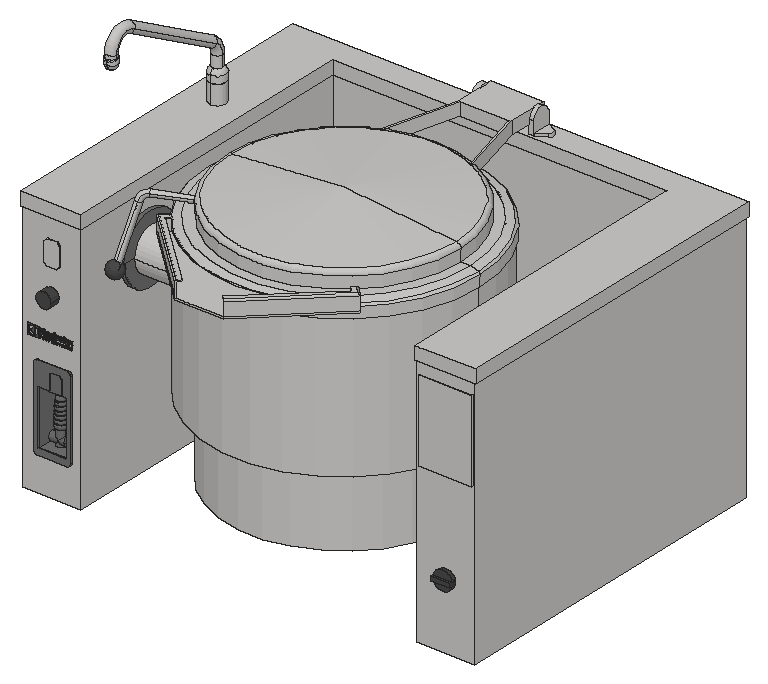
Revit family "QF_ELECTROLUXPROFESSIONAL_586915_PBOT10ERES", category Specialty Equipment, Revit 2018 (continued)
Automatic sketch dimensions
  Extrusion 23 sketch curve to Extrusion 23 sketch curve = 1.353 mm  (x2)
  Extrusion 23 sketch curve to Extrusion 23 sketch curve = 0.027 mm  (x2)
  Extrusion 23 sketch curve to Extrusion 23 sketch curve = 0.395 mm  (x2)
  Extrusion 23 sketch curve to Extrusion 23 sketch curve = 0.329 mm  (x2)
  Extrusion 23 sketch curve to Extrusion 23 sketch curve = 0.425 mm  (x2)
  Extrusion 23 sketch curve to Extrusion 23 sketch curve = 0.051 mm  (x2)
  Extrusion 23 sketch curve to Extrusion 23 sketch curve = 0.495 mm  (x2)
  Extrusion 23 sketch curve to Extrusion 23 sketch curve = 0.267 mm  (x2)
  Extrusion 23 sketch curve to Extrusion 23 sketch curve = 1.4 mm
  Extrusion 23 sketch curve to Extrusion 23 sketch curve = 5.233 mm
  Extrusion 23 sketch curve to Extrusion 23 sketch curve = 2.062 mm
  plane 3 "LEFT" to Extrusion 24 sketch curve = 43.4 mm
  Extrusion 24 sketch curve to Extrusion 24 sketch curve = 82 mm
  plane 7 to Extrusion 24 sketch curve = 105.944 mm
  Extrusion 24 sketch curve to Extrusion 24 sketch curve = 195 mm
  radius of curve 38 = 25 mm
  radius of Extrusion 4 sketch curve = 10 mm
  radius of Extrusion 15 sketch curve = 25 mm
  radius of Extrusion 17 sketch curve = 20 mm
  radius of Extrusion 20 sketch curve = 10 mm  (x2)
  radius of Extrusion 23 sketch curve = 2.453 mm
  radius of Extrusion 23 sketch curve = 1.557 mm
  radius of Extrusion 23 sketch curve = 1.468 mm
  radius of Extrusion 23 sketch curve = 2.451 mm
Nested families
  nested 1: "Electrolux_Handle" at (324.646, -653.285, 8.398) x (0.9205, 0.3907, 0) z (0, 0, 1), type "Family1"
  nested 2: "QF_ELECTROLUXPROFESSIONAL_RubSprint" at (80, -250.001, 900), type "QF_ELECTROLUXPROFESSIONAL_RubSprint"
  nested 3: "QF_ELECTROLUXPROFESSIONAL_SprayGun" at (80.4, -737, 291.944), type "QF_ELECTROLUXPROFESSIONAL_SprayGun"
Connectors
  piping at (110.571, 100, 395), diameter 12.7
    settings: on Extrusion 20, index 1, connector inside diameter 1/2", connector length 0 mm, flow factor 0, pipe flow 0 GPM, pressure drop 0.00 psi, fitting loss kfactor 0, connector angle 0.00°, fixture units 0, engagement length 0 mm, angle of deflection 0.00°, flow configuration 1, flow direction 1, fitting loss method 0, system type 20, joint type 0, gender type 0, connector reference index -1, connector utility 0, adjustable connector no, is connector primary yes, connector description "Cold Water Inlet"
  piping at (50, 100, 395), diameter 12.7
    settings: on Extrusion 20, index 2, connector inside diameter 1/2", connector length 0 mm, flow factor 0, pipe flow 0 GPM, pressure drop 0.00 psi, fitting loss kfactor 0, connector angle 0.00°, fixture units 0, engagement length 0 mm, angle of deflection 0.00°, flow configuration 1, flow direction 1, fitting loss method 0, system type 19, joint type 0, gender type 0, connector reference index -1, connector utility 0, adjustable connector no, is connector primary no, connector description "Hot Water Inlet"
  electrical at (1120, 100, 450), driven by "Volts"
    settings: on Extrusion 4, index 3, voltage 400 V, apparent load 18200 VA, apparent load phase1 0 VA, apparent load phase2 0 VA, apparent load phase3 0 VA, power factor 1, load classification "Other", number of poles 1, system type 30, power factor state 1, is connector primary yes, connector utility no, sub classification motor no, connector description "Electrical Connection"
Definition of nested family "Electrolux_Handle"
  Parameters
    Assembly Code = ""
  Reference planes
    plane 1 "Center (Front/Back)": y = 0
    plane 2: z = 0
    plane 3 "Center (Left/Right)": x = 0
  Forms (mm)
    Sweep 1, solid
      path origin (0, -272.67, 40.751) x (1, 0, 0) y (0, 0.292372, 0.956305)
        loop
          line (16.511, 924.614) -> (-78.489, 924.614)
          arc (-78.489, 924.614) -> (-94.127, 919.229) -> (-103.135, 905.359) r 25.4
          line (-103.135, 905.359) -> (-140.724, 754.597)
      profile origin (-30.989, -2.339, 924.963) x (0, -0.292372, -0.956305) y (0, -0.956305, 0.292372)
        loop
          circle (0, 0) r 8
    Revolve 2, solid
      sketch origin (0, -272.67, 40.751) x (1, 0, 0) y (0, 0.292372, 0.956305)
        loop
          arc (-160.764, 759.594) -> (-145.72, 734.557) -> (-120.683, 749.601) r 20.654
          line (-120.683, 749.601) -> (-160.764, 759.594)
        axis (-120.683, 749.601) -> (-160.764, 759.594)
      angle from 0 to 360
  Lines and regions (mm)
    symbolic lines
      curve 1: line (16.511, 5.661, 0) -> (-87.322, 5.661, 0)
      curve 2: line (16.511, -9.989, 0) -> (-86.193, -9.989, 0)
      curve 3: line (-133.697, -56.773, 0) -> (-97.513, -15.149, 0)
      curve 4: line (-146.568, -45.584, 0) -> (-111.666, -5.433, 0)
      curve 5: arc (-135.59, -32.955, 0) -> (-154.333, -67.194, 0) -> (-122.78, -44.215, 0) r 20
      curve 6: arc (-146.568, -45.584, 0) -> (-145.727, -57.614, 0) -> (-133.697, -56.773, 0) r 8.527
      curve 7: arc (-87.322, 5.661, 0) -> (-100.698, 2.757, 0) -> (-111.666, -5.433, 0) r 32.256
      curve 8: arc (-86.193, -9.989, 0) -> (-92.413, -11.34, 0) -> (-97.513, -15.149, 0) r 15
  Dimensions and locks
    aligned and locked: level to plane 2
    aligned and locked: Revolve 2 sketch curve to Sweep 1  (x2)
    aligned and locked: curve 1 to Sweep 1
    aligned and locked: Sweep 1 to curve 2
Definition of nested family "QF_ELECTROLUXPROFESSIONAL_RubSprint"
  Reference planes
    plane 1 "Center (Front/Back)": y = 0
    plane 2: z = 0
    plane 3 "Center (Left/Right)": x = 0
  Forms (mm)
    Revolve 1, solid
      sketch origin (0, 0, 0) x (0, 1, 0) y (0, 0, 1)
        loop
          line (-21, 0) -> (0, 0) -> (0, 82.75) -> (-14.385, 82.75)
          arc (-14.385, 82.75) -> (-19.409, 76.68) -> (-22.385, 69.383) r 26
          line (-22.385, 69.383) -> (-22.385, 51.306) -> (-21, 50.388) -> (-21, 0)
        axis (0, 82.75) -> (0, 0)
      angle from 0 to 360
    Sweep 2, solid
      path origin (0, 0, 0) x (0, 1, 0) y (0, 0, 1)
        loop
          line (0, 82.75) -> (0, 113.75)
          arc (0, 113.75) -> (-5.44, 133.889) -> (-20.279, 148.551) r 40
          line (-20.279, 148.551) -> (-290.279, 301.55)
          arc (-290.279, 301.55) -> (-330.139, 301.31) -> (-349.999, 266.749) r 40
          line (-349.999, 266.749) -> (-349.999, 257.884)
      profile origin (0, 0, 98.25) x (0, -1, 0) y (1, 0, 0)
        loop
          circle (0, 0) r 13.5
    Revolve 3, solid
      sketch origin (0, 0, 0) x (0, 1, 0) y (0, 0, 1)
        loop
          line (-333.717, 244.264) -> (-333.717, 254.236)
          arc (-333.717, 254.236) -> (-334.434, 255.758) -> (-335.779, 256.77) r 3.5
          line (-335.779, 256.77) -> (-336.499, 257.884) -> (-349.999, 257.884) -> (-349.999, 233.05) -> (-339.2, 233.05)
          arc (-339.2, 233.05) -> (-338.052, 233.411) -> (-337.32, 234.365) r 2
          line (-337.32, 234.365) -> (-333.717, 244.264)
        axis (-349.999, 257.884) -> (-349.999, 233.05)
      angle from 0 to 360
  Lines and regions (mm)
    symbolic lines
      curve 1: arc (-13.5, -17.856, 0) -> (0, 22.385, 0) -> (13.5, -17.856, 0) r 22.385
      curve 2: arc (-13.5, 0, 0) -> (0, 13.5, 0) -> (13.5, 0, 0) r 13.5
      curve 3: arc (-13.5, -349.999, 0) -> (0, -363.499, 0) -> (13.5, -349.999, 0) r 13.5
      curve 4: arc (-13.5, -340.897, 0) -> (0, -366.281, 0) -> (13.5, -340.897, 0) r 16.282
      curve 5: line (13.5, -349.999, 0) -> (13.5, 0, 0)
      curve 6: line (-13.5, -349.999, 0) -> (-13.5, 0, 0)
  Dimensions and locks
    aligned and locked: level to plane 2
Definition of nested family "QF_ELECTROLUXPROFESSIONAL_SprayGun"
  Reference planes
    plane 1 "Center (Front/Back)": y = 0
    plane 2: z = 0
    plane 3 "SGy": x = 13
    plane 4 "AxeZ": y = -45
    plane 5 "Center (Left/Right)": x = 4
    plane 6 "Center (Top/Right)": z = 112.5
  Forms (mm)
    Revolve 1, solid
      sketch origin (0, -45, 0) x (0, 0, 1) y (-1, 0, 0)
        loop
          line (73.98, -1.423) -> (33.98, -1.423) -> (33.98, -13) -> (151.7, -13) -> (151.7, -4.362)
          arc (151.7, -4.362) -> (147.093, -1.396) -> (141.64, -1.926) r 8.345
          arc (141.64, -1.926) -> (140.226, -2.024) -> (139.103, -1.16) r 2
          arc (139.103, -1.16) -> (138.832, -0.814) -> (138.493, -0.536) r 2
          arc (138.493, -0.536) -> (134.77, 0.557) -> (131.061, -0.581) r 6.745
          arc (131.061, -0.581) -> (129.812, -0.914) -> (128.62, -0.414) r 2
          arc (128.62, -0.414) -> (124.347, 1.338) -> (119.917, 0.035) r 6.972
          arc (119.917, 0.035) -> (118.79, -0.341) -> (117.648, -0.011) r 2
          arc (117.648, -0.011) -> (113.81, 1.188) -> (109.921, 0.166) r 7.275
          arc (109.921, 0.166) -> (108.725, -0.109) -> (107.594, 0.367) r 2
          arc (107.594, 0.367) -> (103.55, 1.928) -> (99.427, 0.587) r 6.475
          arc (99.427, 0.587) -> (98.262, 0.173) -> (97.076, 0.524) r 2
          arc (97.076, 0.524) -> (92.711, 1.941) -> (88.277, 0.758) r 8.094
          arc (88.277, 0.758) -> (87.212, 0.464) -> (86.153, 0.781) r 2
          arc (86.153, 0.781) -> (79.633, 2.075) -> (73.98, -1.423) r 9.075
        axis (151.7, -13) -> (33.98, -13)
      angle from 0 to 360
    Revolve 2, solid
      sketch origin (0, -45, 0) x (0, 0, 1) y (-1, 0, 0)
        loop
          line (47.58, 11.558) -> (40.98, 11.558) -> (40.98, 9.577) -> (35.98, 9.577) -> (35.98, -30.423) -> (40.98, -30.423) -> (40.98, -35.423) -> (47.58, -35.423) -> (47.58, 11.558)
        axis (47.58, 11.558) -> (47.58, -35.423)
      angle from 0 to 360
    Extrusion 3, solid
      sketch origin (0, -45, 0) x (1, 0, 0) y (0, 1, 0)
        loop
          line (21.638, 0) -> (17.319, 7.481) -> (8.681, 7.481) -> (4.362, 0) -> (8.681, -7.481) -> (17.319, -7.481) -> (21.638, 0)
      from 151.7 to 160.974
    Extrusion 4, solid
      sketch origin (0, 0, 0) x (1, 0, 0) y (0, 0, 1)
        loop
          arc (-45, 10) -> (-42.071, 2.929) -> (-35, 0) r 10
          line (-35, 0) -> (43, 0)
          arc (43, 0) -> (50.071, 2.929) -> (53, 10) r 10
          line (53, 10) -> (53, 215)
          arc (53, 215) -> (50.071, 222.071) -> (43, 225) r 10
          line (43, 225) -> (-35, 225)
          arc (-35, 225) -> (-42.071, 222.071) -> (-45, 215) r 10
          line (-45, 215) -> (-45, 10)
        loop
          line (-35, 162) -> (-35, 16) -> (43, 16) -> (43, 162) -> (29, 162) -> (29, 199)
          arc (29, 199) -> (26.657, 204.657) -> (21, 207) r 8
          line (21, 207) -> (5, 207)
          arc (5, 207) -> (-0.657, 204.657) -> (-3, 199) r 8
          line (-3, 199) -> (-3, 162) -> (-35, 162)
      from 63 to 60
    Extrusion 5, solid
      sketch origin (0, 0, 0) x (1, 0, 0) y (0, 0, 1)
        loop
          line (-35, 16) -> (43, 16) -> (43, 162) -> (29, 162) -> (29, 199)
          arc (29, 199) -> (26.657, 204.657) -> (21, 207) r 8
          line (21, 207) -> (5, 207)
          arc (5, 207) -> (-0.657, 204.657) -> (-3, 199) r 8
          line (-3, 199) -> (-3, 162) -> (-35, 162) -> (-35, 16)
        loop
          line (31, 164) -> (31, 199)
          arc (31, 199) -> (28.071, 206.071) -> (21, 209) r 10
          line (21, 209) -> (5, 209)
          arc (5, 209) -> (-2.071, 206.071) -> (-5, 199) r 10
          line (-5, 199) -> (-5, 164) -> (-37, 164) -> (-37, 14) -> (45, 14) -> (45, 164) -> (31, 164)
      from 0 to 60
    Extrusion 6, solid
      sketch origin (0, 0, 0) x (1, 0, 0) y (0, 0, 1)
        loop
          line (-37, 164) -> (-37, 14) -> (45, 14) -> (45, 164) -> (-37, 164)
      from 6 to 0
    Extrusion 7, solid
      sketch origin (0, 0, 0) x (1, 0, 0) y (0, 0, 1)
        loop
          line (28, 160.974) -> (28, 198)
          arc (28, 198) -> (25.657, 203.657) -> (20, 206) r 8
          line (20, 206) -> (6, 206)
          arc (6, 206) -> (0.343, 203.657) -> (-2, 198) r 8
          line (-2, 198) -> (-2, 160.974) -> (28, 160.974)
      from 0 to 63
  Dimensions and locks
    equal spacing: Extrusion 4, plane 5 "Center (Left/Right)", Extrusion 4
    Extrusion 4 to Extrusion 4 = 225 mm
    Extrusion 4 to Extrusion 4 = 98 mm
    aligned and locked: level to plane 2
  Automatic sketch dimensions
    plane 3 "SGy" to Revolve 1 sketch curve = 0 mm  (x2)
    plane 5 "Center (Left/Right)" to Revolve 1 sketch curve = 2.577 mm
    level to Revolve 1 sketch curve = 33.98 mm
    Revolve 1 sketch curve to Revolve 1 sketch curve = 40 mm
    Revolve 1 sketch curve to plane 5 "Center (Left/Right)" = 2.854 mm
    Revolve 1 sketch curve to Revolve 1 sketch curve = 7.27 mm
    Revolve 1 sketch curve to Revolve 1 sketch curve = 5.984 mm
    Revolve 1 sketch curve to plane 5 "Center (Left/Right)" = 2.15 mm
    Revolve 1 sketch curve to Revolve 1 sketch curve = 5.262 mm
    Revolve 1 sketch curve to Revolve 1 sketch curve = 5.712 mm
    Revolve 1 sketch curve to plane 5 "Center (Left/Right)" = 0.545 mm
    Revolve 1 sketch curve to Revolve 1 sketch curve = 5.167 mm
    Revolve 1 sketch curve to Revolve 1 sketch curve = 5.522 mm
    Revolve 1 sketch curve to plane 5 "Center (Left/Right)" = 2.085 mm
    Revolve 1 sketch curve to Revolve 1 sketch curve = 4.746 mm
    Revolve 1 sketch curve to Revolve 1 sketch curve = 5.106 mm
    Revolve 1 sketch curve to plane 5 "Center (Left/Right)" = 1.624 mm
    Revolve 1 sketch curve to Revolve 1 sketch curve = 5.239 mm
    Revolve 1 sketch curve to Revolve 1 sketch curve = 5.96 mm
    Revolve 1 sketch curve to plane 5 "Center (Left/Right)" = 2.187 mm
    Revolve 1 sketch curve to Revolve 1 sketch curve = 4.862 mm
    plane 5 "Center (Left/Right)" to Revolve 1 sketch curve = 1.788 mm
    Revolve 1 sketch curve to Revolve 1 sketch curve = 2.59 mm
    Revolve 1 sketch curve to Revolve 1 sketch curve = 3.403 mm
    plane 3 "SGy" to Revolve 1 sketch curve = 3.493 mm
    Revolve 1 sketch curve to Revolve 1 sketch curve = 4.325 mm
    Revolve 1 sketch curve to Revolve 1 sketch curve = 6.57 mm
    Revolve 1 sketch curve to plane 5 "Center (Left/Right)" = 0.362 mm
    plane 5 "Center (Left/Right)" to Revolve 1 sketch curve = 3.891 mm
    plane 5 "Center (Left/Right)" to Revolve 1 sketch curve = 5.081 mm
    plane 5 "Center (Left/Right)" to Revolve 1 sketch curve = 5.658 mm
    plane 5 "Center (Left/Right)" to Revolve 1 sketch curve = 5.884 mm
    plane 5 "Center (Left/Right)" to Revolve 1 sketch curve = 6.173 mm
    plane 5 "Center (Left/Right)" to Revolve 1 sketch curve = 6.464 mm
    Revolve 1 sketch curve to Revolve 1 sketch curve = 7.72 mm
    Revolve 1 sketch curve to Revolve 1 sketch curve = 0 mm  (x12)
    Revolve 1 sketch curve to Revolve 1 sketch curve = 1.57 mm
    Revolve 2 sketch curve to plane 3 "SGy" = 17.423 mm
    level to Revolve 2 sketch curve = 35.98 mm
    Revolve 2 sketch curve to Revolve 2 sketch curve = 5 mm  (x3)
    Revolve 2 sketch curve to Revolve 2 sketch curve = 6.6 mm
    plane 5 "Center (Left/Right)" to Revolve 2 sketch curve = 13.577 mm
    Revolve 2 sketch curve to Revolve 2 sketch curve = 1.981 mm
    Revolve 2 sketch curve to Revolve 2 sketch curve = 0 mm  (x2)
    Revolve 2 sketch curve to Revolve 2 sketch curve = 4.326 mm
    plane 4 "AxeZ" to Extrusion 3 sketch curve = 0 mm  (x2)
    Extrusion 3 sketch curve to plane 5 "Center (Left/Right)" = 0.362 mm
    plane 3 "SGy" to Extrusion 3 sketch curve = 4.319 mm  (x2)
    Extrusion 3 sketch curve to plane 3 "SGy" = 4.319 mm  (x2)
    Extrusion 3 sketch curve to Extrusion 3 sketch curve = 4.319 mm
    plane 4 "AxeZ" to Extrusion 3 sketch curve = 7.481 mm
    Extrusion 3 sketch curve to plane 4 "AxeZ" = 7.481 mm
    Extrusion 4 sketch curve to level = 0 mm
    level to Extrusion 4 sketch curve = 10 mm
    plane 5 "Center (Left/Right)" to Extrusion 4 sketch curve = 49 mm
    Extrusion 4 sketch curve to Extrusion 4 sketch curve = 10 mm  (x2)
    Extrusion 4 sketch curve to Extrusion 4 sketch curve = 0 mm  (x3)
    plane 5 "Center (Left/Right)" to Extrusion 4 sketch curve = 7 mm
    Extrusion 4 sketch curve to plane 5 "Center (Left/Right)" = 1 mm
    Extrusion 4 sketch curve to plane 3 "SGy" = 8 mm
    Extrusion 4 sketch curve to plane 3 "SGy" = 16 mm
    Extrusion 4 sketch curve to Extrusion 4 sketch curve = 14 mm  (x2)
    Extrusion 4 sketch curve to Extrusion 4 sketch curve = 6 mm
    Extrusion 4 sketch curve to Extrusion 4 sketch curve = 146 mm
    Extrusion 4 sketch curve to Extrusion 4 sketch curve = 37 mm
    Extrusion 4 sketch curve to Extrusion 4 sketch curve = 16 mm
    Extrusion 5 sketch curve to Extrusion 5 sketch curve = 0 mm  (x5)
    level to Extrusion 5 sketch curve = 14 mm
    plane 5 "Center (Left/Right)" to Extrusion 5 sketch curve = 41 mm
    Extrusion 5 sketch curve to Extrusion 5 sketch curve = 2 mm  (x6)
    plane 5 "Center (Left/Right)" to Extrusion 5 sketch curve = 9 mm
    Extrusion 5 sketch curve to plane 5 "Center (Left/Right)" = 1 mm
    Extrusion 5 sketch curve to plane 3 "SGy" = 8 mm
    Extrusion 5 sketch curve to Extrusion 5 sketch curve = 8 mm
    Extrusion 5 sketch curve to plane 3 "SGy" = 30 mm
    Extrusion 5 sketch curve to Extrusion 5 sketch curve = 146 mm
    Extrusion 5 sketch curve to Extrusion 5 sketch curve = 35 mm
    level to Extrusion 6 sketch curve = 14 mm
    plane 5 "Center (Left/Right)" to Extrusion 6 sketch curve = 41 mm
    Extrusion 6 sketch curve to plane 3 "SGy" = 32 mm
    Extrusion 6 sketch curve to Extrusion 6 sketch curve = 150 mm
    plane 5 "Center (Left/Right)" to Extrusion 7 sketch curve = 6 mm
    Extrusion 7 sketch curve to plane 5 "Center (Left/Right)" = 2 mm
    Extrusion 7 sketch curve to plane 3 "SGy" = 7 mm
    Extrusion 7 sketch curve to plane 3 "SGy" = 15 mm
    level to Extrusion 7 sketch curve = 160.974 mm
    Extrusion 7 sketch curve to Extrusion 7 sketch curve = 37.026 mm
